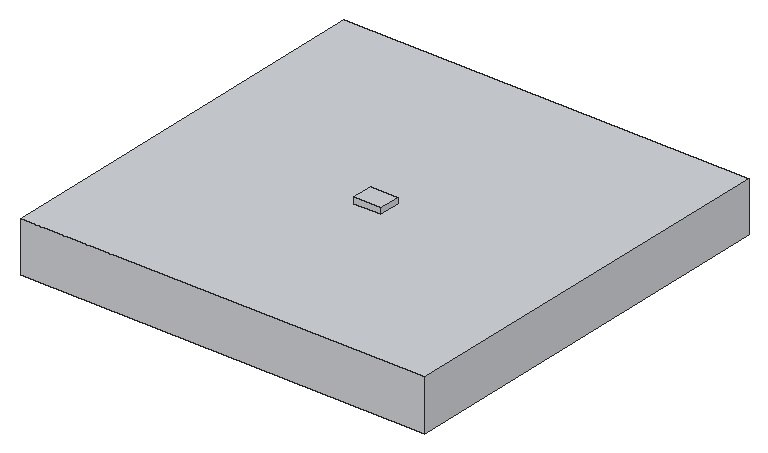
Revit family "M_Sirene de segurança", category Dispositivos de segurança, Revit 2019
Family settings
  Hospedeiro = Face
  Manter orientação da anotação = Sim
  Cota do conector redondo = Utilizar diâmetro
  Tipo de parte = Normal
  Número OmniClass = 23.85.10.11.11.14
  Título OmniClass = Sirens
  ID de item do Seek = Security Siren-0000-CAN-ENU
  Corte com vazios quando carregada = Não
  Compartilhado = Não
  Ponto de cálculo do ambiente = Não
Parameters (values of type "Padrão")
  Elevação-padrão = 1200 mm
  Largura da sirene = 127 mm
  Material da sirene = none
  Comprimento da sirene = 162 mm
  Altura da sirene = 35 mm
Reference planes
  plane 1 "Centro (Frente/Trás)": y = 0
  plane 2: z = 0
  plane 3 "Centro (Esquerda/Direita)": x = 0
  plane 4: y = -127
  plane 5: x = -81
  plane 6: x = 81
  plane 7: z = 35
Forms (mm)
  Extrusion 1, solid
    sketch origin (0, 0, 0) x (1, 0, 0) y (0, 1, 0)
      loop
        line (-1219.2, 1219.2) -> (-1219.2, -1219.2) -> (1219.2, -1219.2) -> (1219.2, 1219.2) -> (-1219.2, 1219.2)
    from 0 to -304.8
  Extrusion 2, solid, material <- "Material da sirene"
    sketch origin (0, 0, 0) x (1, 0, 0) y (0, 1, 0)
      loop
        line (-81, 0) -> (-81, -127) -> (81, -127) -> (81, 0) -> (-81, 0)
    from 0 to 35
Lines and regions (mm)
  symbolic lines, detail levels fine
    curve 1: line (81, 0, 35) -> (-81, 0, 35)
    curve 2: line (-81, 0, 35) -> (-81, 0, 0)
    curve 3: line (81, 0, 0) -> (81, 0, 35)
    curve 4: line (81, 0, 0) -> (-81, 0, 0)
Dimensions and locks
  equal spacing: plane 5, plane 3 "Centro (Esquerda/Direita)", plane 6
  "Comprimento da sirene": plane 5 to plane 6
  "Largura da sirene": plane 1 "Centro (Frente/Trás)" to plane 4
  "Altura da sirene": plane 7 to plane 2
  aligned and locked: plane 2 to Extrusion 1
  aligned and locked: level to Extrusion 1
  aligned and locked: plane 5 to Extrusion 2 sketch curve
  aligned and locked: plane 1 "Centro (Frente/Trás)" to Extrusion 2 sketch curve
  aligned and locked: plane 4 to Extrusion 2 sketch curve
  aligned and locked: Extrusion 2 sketch curve to plane 6
  aligned and locked: Extrusion 2 to plane 2
  aligned and locked: plane 7 to Extrusion 2
  aligned and locked: curve 1 to Extrusion 2
  aligned and locked: curve 2 to Extrusion 2
  aligned and locked: curve 3 to Extrusion 2
  aligned and locked: curve 4 to Extrusion 2
  aligned and locked: plane 1 "Centro (Frente/Trás)" to nested 1
  aligned and locked: plane 3 "Centro (Esquerda/Direita)" to nested 1
Automatic sketch dimensions
  Extrusion 1 sketch curve to Extrusion 1 sketch curve = 2438.4 mm  (x2)
Nested families
  nested 1: "M_Anotação de sirene de segurança" at (0, 0, 0), type "Anotação da sirene de segurança", detail levels coarse+medium
Connectors
  electrical at (0, -63.5, 0)
    settings: on Extrusion 2, index 1, voltage 0 V, apparent load 0 VA, apparent load phase1 0 VA, apparent load phase2 0 VA, apparent load phase3 0 VA, power factor 1, load classification "Outros", number of poles 1, system type 10, power factor state 1, is connector primary yes, connector utility no, sub classification motor no, connector description ""
Definition of nested family "M_Anotação de sirene de segurança"
  Parameters
    Anotação de legenda = "AIM"
  Reference planes
    plane 1: y = 0
    plane 2: x = 0
  Lines and regions (mm)
    Filled region 1, type "Região preenchida 1"
      outline origin (0, 1.375, 0) x (1, 0, 0) y (0, 1, 0)
        loop
          line (1.588, 0) -> (0.794, 1.375) -> (-0.794, -1.375) -> (0.794, -1.375) -> (1.588, 0)
    reference lines
      curve 1: line (1.588, 4.763, 0) -> (1.587, -2.676, 0)
      curve 8: line (-8.873, 1.375, 0) -> (15.663, 1.375, 0)
    detail lines
      curve 2: line (1.588, 1.375, 0) -> (0.794, 2.75, 0)
      curve 3: line (0.794, 2.75, 0) -> (-0.794, 2.75, 0)
      curve 4: line (-0.794, 2.75, 0) -> (-1.588, 1.375, 0)
      curve 5: line (-1.588, 1.375, 0) -> (-0.794, 0, 0)
      curve 6: line (-0.794, 0, 0) -> (0.794, 0, 0)
      curve 7: line (0.794, 0, 0) -> (1.588, 1.375, 0)
  Dimensions and locks
    locked: plane 2 to curve 1 at 1.588
    plane 1 to curve 8 = 1.375 mm
    aligned and locked: Filled region 1 sketch curve to curve 2
    aligned and locked: Filled region 1 sketch curve to curve 7
    aligned and locked: Filled region 1 sketch curve to curve 6
